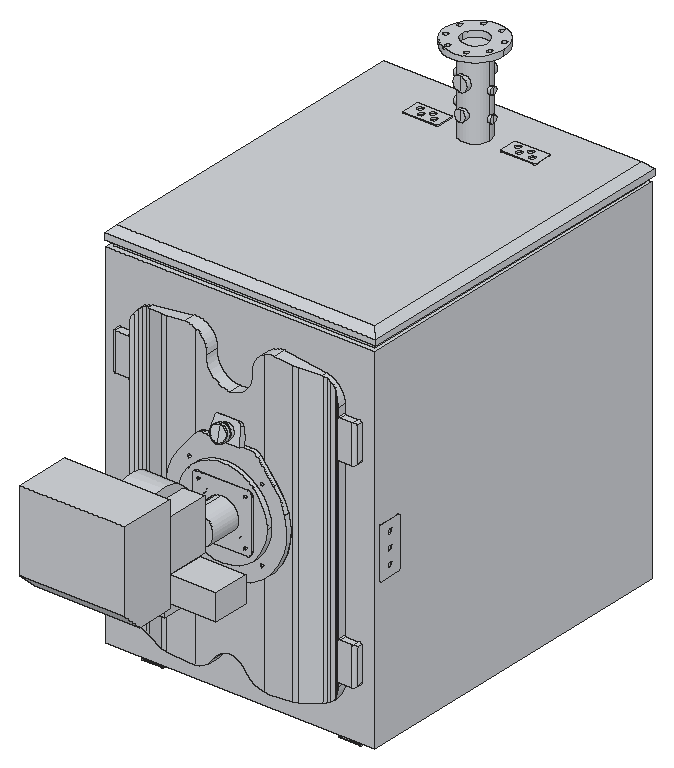
Revit family (continued)
Forms (in)
  Extrusion 97, solid, not visible
    sketch origin (0, -27.83144, -6.38142) x (1, 0, 0) y (0, 0.292372, 0.956305)
      loop
        line (-2.08755, 41.26626) -> (-2.50293, 38.67025) -> (0, 38.67025) -> (2.50293, 38.67025) -> (2.08755, 41.26626)
        spline (2.08755, 41.26626) -> (2.06999, 41.34975) -> (2.04482, 41.42785) -> (2.01221, 41.50008) -> (1.97236, 41.56598) -> (1.92552, 41.62514) -> (1.872, 41.67717) -> (1.81212, 41.72176) -> (1.74628, 41.75861) -> (1.67487, 41.7875) -> (1.59837, 41.80824) -> (1.51724, 41.8207) -> (1.43201, 41.8248)
        line (1.43201, 41.8248) -> (0, 41.8248) -> (-1.43201, 41.8248)
        spline (-1.43201, 41.8248) -> (-1.51724, 41.8207) -> (-1.59837, 41.80824) -> (-1.67487, 41.7875) -> (-1.74628, 41.75861) -> (-1.81212, 41.72176) -> (-1.872, 41.67717) -> (-1.92552, 41.62514) -> (-1.97236, 41.56598) -> (-2.01221, 41.50008) -> (-2.04482, 41.42785) -> (-2.06999, 41.34975) -> (-2.08755, 41.26626)
    from 27.23541 to 28.10693
  Extrusion 98, solid, not visible
    sketch origin (0, -15, 0) x (1, 0, 0) y (0, 0, 1)
      loop
        line (-4.84631, 38.02682) -> (-7.37432, 34.89772)
        arc (-7.37432, 34.89772) -> (0, 19.45975) -> (7.37432, 34.89772) r 9.48025
        line (7.37432, 34.89772) -> (4.84589, 38.02735)
        arc (4.84589, 38.02735) -> (4.24578, 38.50127) -> (3.5, 38.67025) r 1.73025
        line (3.5, 38.67025) -> (-3.49911, 38.67025)
        arc (-3.49911, 38.67025) -> (-4.24568, 38.50132) -> (-4.84631, 38.02682) r 1.73025
      loop
        circle (0, 29) r 7
      loop
        arc (5.51635, 34.84021) -> (5.4135, 34.73735) -> (5.37585, 34.59685) r 0.281
        arc (5.37585, 34.59685) -> (5.4135, 34.45635) -> (5.51635, 34.3535) r 0.281
        arc (5.51635, 34.3535) -> (5.65685, 34.31585) -> (5.79735, 34.3535) r 0.281
        arc (5.79735, 34.3535) -> (5.90021, 34.45635) -> (5.93785, 34.59685) r 0.281
        arc (5.93785, 34.59685) -> (5.90021, 34.73735) -> (5.79735, 34.84021) r 0.281
        arc (5.79735, 34.84021) -> (5.65685, 34.87785) -> (5.51635, 34.84021) r 0.281
      loop
        arc (-5.79735, 34.84021) -> (-5.90021, 34.73735) -> (-5.93785, 34.59685) r 0.281
        arc (-5.93785, 34.59685) -> (-5.90021, 34.45635) -> (-5.79735, 34.3535) r 0.281
        arc (-5.79735, 34.3535) -> (-5.65685, 34.31585) -> (-5.51635, 34.3535) r 0.281
        arc (-5.51635, 34.3535) -> (-5.4135, 34.45635) -> (-5.37585, 34.59685) r 0.281
        arc (-5.37585, 34.59685) -> (-5.4135, 34.73735) -> (-5.51635, 34.84021) r 0.281
        arc (-5.51635, 34.84021) -> (-5.65685, 34.87785) -> (-5.79735, 34.84021) r 0.281
      loop
        arc (-5.79735, 23.5265) -> (-5.90021, 23.42365) -> (-5.93785, 23.28315) r 0.281
        arc (-5.93785, 23.28315) -> (-5.90021, 23.14265) -> (-5.79735, 23.03979) r 0.281
        arc (-5.79735, 23.03979) -> (-5.65685, 23.00215) -> (-5.51635, 23.03979) r 0.281
        arc (-5.51635, 23.03979) -> (-5.4135, 23.14265) -> (-5.37585, 23.28315) r 0.281
        arc (-5.37585, 23.28315) -> (-5.4135, 23.42365) -> (-5.51635, 23.5265) r 0.281
        arc (-5.51635, 23.5265) -> (-5.65685, 23.56415) -> (-5.79735, 23.5265) r 0.281
      loop
        arc (5.51635, 23.5265) -> (5.4135, 23.42365) -> (5.37585, 23.28315) r 0.281
        arc (5.37585, 23.28315) -> (5.4135, 23.14265) -> (5.51635, 23.03979) r 0.281
        arc (5.51635, 23.03979) -> (5.65685, 23.00215) -> (5.79735, 23.03979) r 0.281
        arc (5.79735, 23.03979) -> (5.90021, 23.14265) -> (5.93785, 23.28315) r 0.281
        arc (5.93785, 23.28315) -> (5.90021, 23.42365) -> (5.79735, 23.5265) r 0.281
        arc (5.79735, 23.5265) -> (5.65685, 23.56415) -> (5.51635, 23.5265) r 0.281
    from 27.23491 to 27.92983
  Extrusion 99, solid
    sketch origin (0, -20.51816, 0) x (1, 0, 0) y (0, 0, 1)
      loop
        arc (-3.61428, 49.21852) -> (-4.52554, 51.70433) -> (-7.00072, 52.6441) r 3.1875
        arc (-7.00072, 52.6441) -> (-10.28605, 52.32116) -> (-13.5434, 51.78506) r 50.6875
        arc (-13.5434, 51.78506) -> (-15.53151, 50.59477) -> (-16.3125, 48.41316) r 3.4375
        line (-16.3125, 48.41316) -> (-16.3125, 47.1272)
        spline (-16.3125, 47.1272) -> (-16.31357, 47.1109) -> (-16.31674, 47.09488) -> (-16.32198, 47.07943) -> (-16.32919, 47.0648) -> (-16.33824, 47.05124) -> (-16.34899, 47.03899) -> (-16.36124, 47.02824) -> (-16.3748, 47.01919) -> (-16.38943, 47.01198) -> (-16.40488, 47.00674) -> (-16.4209, 47.00357) -> (-16.4372, 47.0025)
        line (-16.4372, 47.0025) -> (-18.50122, 47.0025)
        spline (-18.50122, 47.0025) -> (-18.56642, 46.99824) -> (-18.63047, 46.98553) -> (-18.69228, 46.96458) -> (-18.7508, 46.93576) -> (-18.80503, 46.89954) -> (-18.85406, 46.85656) -> (-18.89704, 46.80753) -> (-18.93326, 46.7533) -> (-18.96208, 46.69478) -> (-18.98303, 46.63297) -> (-18.99574, 46.56892) -> (-19, 46.50372)
        line (-19, 46.50372) -> (-19, 45.315) -> (-18.99264, 45.27669)
        spline (-18.99264, 45.27669) -> (-18.99182, 45.27174) -> (-18.99104, 45.26562) -> (-18.99031, 45.2584) -> (-18.98963, 45.25015) -> (-18.98902, 45.24096) -> (-18.98847, 45.23093) -> (-18.988, 45.22015) -> (-18.9876, 45.20874) -> (-18.98729, 45.19682) -> (-18.98707, 45.18451) -> (-18.98693, 45.17193) -> (-18.98689, 45.15923)
        line (-18.98689, 45.15923) -> (-18.98689, 43.72077)
        spline (-18.98689, 43.72077) -> (-18.98693, 43.70807) -> (-18.98707, 43.69549) -> (-18.98729, 43.68318) -> (-18.9876, 43.67126) -> (-18.988, 43.65985) -> (-18.98847, 43.64907) -> (-18.98902, 43.63904) -> (-18.98963, 43.62985) -> (-18.99031, 43.6216) -> (-18.99104, 43.61438) -> (-18.99182, 43.60826) -> (-18.99264, 43.60331)
        line (-18.99264, 43.60331) -> (-19, 43.565) -> (-19, 41.56378)
        spline (-19, 41.56378) -> (-18.99574, 41.49858) -> (-18.98303, 41.43453) -> (-18.96208, 41.37272) -> (-18.93326, 41.3142) -> (-18.89704, 41.25997) -> (-18.85406, 41.21094) -> (-18.80503, 41.16796) -> (-18.7508, 41.13175) -> (-18.69228, 41.10292) -> (-18.63047, 41.08197) -> (-18.56642, 41.06926) -> (-18.50122, 41.065)
        line (-18.50122, 41.065) -> (-16.43696, 41.065)
        spline (-16.43696, 41.065) -> (-16.42068, 41.06391) -> (-16.40469, 41.06071) -> (-16.38927, 41.05545) -> (-16.37466, 41.04823) -> (-16.36113, 41.03918) -> (-16.3489, 41.02843) -> (-16.33818, 41.01618) -> (-16.32915, 41.00263) -> (-16.32196, 40.98801) -> (-16.31673, 40.97258) -> (-16.31356, 40.95658) -> (-16.3125, 40.9403)
        line (-16.3125, 40.9403) -> (-16.3125, 16.1272)
        spline (-16.3125, 16.1272) -> (-16.31357, 16.1109) -> (-16.31674, 16.09488) -> (-16.32198, 16.07943) -> (-16.32919, 16.0648) -> (-16.33824, 16.05124) -> (-16.34899, 16.03899) -> (-16.36124, 16.02824) -> (-16.3748, 16.01919) -> (-16.38943, 16.01198) -> (-16.40488, 16.00674) -> (-16.4209, 16.00357) -> (-16.4372, 16.0025)
        line (-16.4372, 16.0025) -> (-18.50172, 16.0025)
        spline (-18.50172, 16.0025) -> (-18.56687, 15.99818) -> (-18.63087, 15.98542) -> (-18.69262, 15.96444) -> (-18.75109, 15.93559) -> (-18.80526, 15.89936) -> (-18.85423, 15.85638) -> (-18.89717, 15.80737) -> (-18.93334, 15.75315) -> (-18.96213, 15.69466) -> (-18.98305, 15.63289) -> (-18.99574, 15.56888) -> (-19, 15.50372)
        line (-19, 15.50372) -> (-19, 14.315) -> (-18.99264, 14.27669)
        spline (-18.99264, 14.27669) -> (-18.99182, 14.27174) -> (-18.99104, 14.26562) -> (-18.99031, 14.2584) -> (-18.98963, 14.25015) -> (-18.98902, 14.24096) -> (-18.98847, 14.23093) -> (-18.988, 14.22015) -> (-18.9876, 14.20874) -> (-18.98729, 14.19682) -> (-18.98707, 14.18451) -> (-18.98693, 14.17193) -> (-18.98689, 14.15923)
        line (-18.98689, 14.15923) -> (-18.98689, 12.72077)
        spline (-18.98689, 12.72077) -> (-18.98693, 12.70807) -> (-18.98707, 12.69549) -> (-18.98729, 12.68318) -> (-18.9876, 12.67126) -> (-18.988, 12.65985) -> (-18.98847, 12.64907) -> (-18.98902, 12.63904) -> (-18.98963, 12.62985) -> (-18.99031, 12.6216) -> (-18.99104, 12.61438) -> (-18.99182, 12.60826) -> (-18.99264, 12.60331)
        line (-18.99264, 12.60331) -> (-19, 12.565) -> (-19, 10.56378)
        spline (-19, 10.56378) -> (-18.99574, 10.49858) -> (-18.98303, 10.43453) -> (-18.96208, 10.37272) -> (-18.93326, 10.3142) -> (-18.89704, 10.25997) -> (-18.85406, 10.21094) -> (-18.80503, 10.16796) -> (-18.7508, 10.13175) -> (-18.69228, 10.10292) -> (-18.63047, 10.08197) -> (-18.56642, 10.06926) -> (-18.50122, 10.065)
        line (-18.50122, 10.065) -> (-16.43684, 10.065)
        spline (-16.43684, 10.065) -> (-16.42057, 10.06389) -> (-16.40459, 10.06068) -> (-16.38918, 10.05542) -> (-16.37459, 10.04819) -> (-16.36108, 10.03913) -> (-16.34886, 10.02839) -> (-16.33815, 10.01614) -> (-16.32913, 10.0026) -> (-16.32195, 9.98799) -> (-16.31673, 9.97256) -> (-16.31356, 9.95658) -> (-16.3125, 9.9403)
        line (-16.3125, 9.9403) -> (-16.3125, 9.46684)
        arc (-16.3125, 9.46684) -> (-15.53151, 7.28523) -> (-13.5434, 6.09495) r 3.4375
        arc (-13.5434, 6.09495) -> (-9.91075, 5.51099) -> (-6.2453, 5.19208) r 50.6875
        arc (-6.2453, 5.19208) -> (-3.98491, 5.70109) -> (-2.3142, 7.30643) r 4.3125
        arc (-2.3142, 7.30643) -> (-1.33236, 8.27398) -> (0, 8.6275) r 2.6875
        arc (0, 8.6275) -> (1.33236, 8.27398) -> (2.3142, 7.30643) r 2.6875
        arc (2.3142, 7.30643) -> (3.98491, 5.70109) -> (6.2453, 5.19208) r 4.3125
        arc (6.2453, 5.19208) -> (9.91075, 5.51099) -> (13.5434, 6.09495) r 50.6875
        arc (13.5434, 6.09495) -> (15.53151, 7.28523) -> (16.3125, 9.46684) r 3.4375
        line (16.3125, 9.46684) -> (16.3125, 9.9403)
        spline (16.3125, 9.9403) -> (16.31356, 9.95658) -> (16.31673, 9.97256) -> (16.32195, 9.98799) -> (16.32913, 10.0026) -> (16.33815, 10.01614) -> (16.34886, 10.02839) -> (16.36108, 10.03913) -> (16.37459, 10.04819) -> (16.38918, 10.05542) -> (16.40459, 10.06068) -> (16.42057, 10.06389) -> (16.43684, 10.065)
        line (16.43684, 10.065) -> (18.50122, 10.065)
        spline (18.50122, 10.065) -> (18.56642, 10.06926) -> (18.63047, 10.08197) -> (18.69228, 10.10292) -> (18.7508, 10.13175) -> (18.80503, 10.16796) -> (18.85406, 10.21094) -> (18.89704, 10.25997) -> (18.93326, 10.3142) -> (18.96208, 10.37272) -> (18.98303, 10.43453) -> (18.99574, 10.49858) -> (19, 10.56378)
        line (19, 10.56378) -> (19, 12.565) -> (18.99264, 12.60331)
        spline (18.99264, 12.60331) -> (18.99182, 12.60826) -> (18.99104, 12.61438) -> (18.99031, 12.6216) -> (18.98963, 12.62985) -> (18.98902, 12.63904) -> (18.98847, 12.64907) -> (18.988, 12.65985) -> (18.9876, 12.67126) -> (18.98729, 12.68318) -> (18.98707, 12.69549) -> (18.98693, 12.70807) -> (18.98689, 12.72077)
        line (18.98689, 12.72077) -> (18.98689, 14.15923)
        spline (18.98689, 14.15923) -> (18.98693, 14.17193) -> (18.98707, 14.18451) -> (18.98729, 14.19682) -> (18.9876, 14.20874) -> (18.988, 14.22015) -> (18.98847, 14.23093) -> (18.98902, 14.24096) -> (18.98963, 14.25015) -> (18.99031, 14.2584) -> (18.99104, 14.26562) -> (18.99182, 14.27174) -> (18.99264, 14.27669)
        line (18.99264, 14.27669) -> (19, 14.315) -> (19, 15.50372)
        spline (19, 15.50372) -> (18.99574, 15.56888) -> (18.98305, 15.63289) -> (18.96213, 15.69466) -> (18.93334, 15.75315) -> (18.89717, 15.80737) -> (18.85423, 15.85638) -> (18.80526, 15.89936) -> (18.75109, 15.93559) -> (18.69262, 15.96444) -> (18.63087, 15.98542) -> (18.56687, 15.99818) -> (18.50172, 16.0025)
        line (18.50172, 16.0025) -> (16.4372, 16.0025)
        spline (16.4372, 16.0025) -> (16.4209, 16.00357) -> (16.40488, 16.00674) -> (16.38943, 16.01198) -> (16.3748, 16.01919) -> (16.36124, 16.02824) -> (16.34899, 16.03899) -> (16.33824, 16.05124) -> (16.32919, 16.0648) -> (16.32198, 16.07943) -> (16.31674, 16.09488) -> (16.31357, 16.1109) -> (16.3125, 16.1272)
        line (16.3125, 16.1272) -> (16.3125, 40.9403)
        spline (16.3125, 40.9403) -> (16.31356, 40.95658) -> (16.31673, 40.97258) -> (16.32196, 40.98801) -> (16.32915, 41.00263) -> (16.33818, 41.01618) -> (16.3489, 41.02843) -> (16.36113, 41.03918) -> (16.37466, 41.04823) -> (16.38927, 41.05545) -> (16.40469, 41.06071) -> (16.42068, 41.06391) -> (16.43696, 41.065)
        line (16.43696, 41.065) -> (18.50122, 41.065)
        spline (18.50122, 41.065) -> (18.56642, 41.06926) -> (18.63047, 41.08197) -> (18.69228, 41.10292) -> (18.7508, 41.13175) -> (18.80503, 41.16796) -> (18.85406, 41.21094) -> (18.89704, 41.25997) -> (18.93326, 41.3142) -> (18.96208, 41.37272) -> (18.98303, 41.43453) -> (18.99574, 41.49858) -> (19, 41.56378)
        line (19, 41.56378) -> (19, 43.565) -> (18.99264, 43.60331)
        spline (18.99264, 43.60331) -> (18.99182, 43.60826) -> (18.99104, 43.61438) -> (18.99031, 43.6216) -> (18.98963, 43.62985) -> (18.98902, 43.63904) -> (18.98847, 43.64907) -> (18.988, 43.65985) -> (18.9876, 43.67126) -> (18.98729, 43.68318) -> (18.98707, 43.69549) -> (18.98693, 43.70807) -> (18.98689, 43.72077)
        line (18.98689, 43.72077) -> (18.98689, 45.15923)
        spline (18.98689, 45.15923) -> (18.98693, 45.17193) -> (18.98707, 45.18451) -> (18.98729, 45.19682) -> (18.9876, 45.20874) -> (18.988, 45.22015) -> (18.98847, 45.23093) -> (18.98902, 45.24096) -> (18.98963, 45.25015) -> (18.99031, 45.2584) -> (18.99104, 45.26562) -> (18.99182, 45.27174) -> (18.99264, 45.27669)
        line (18.99264, 45.27669) -> (19, 45.315) -> (19, 46.50372)
        spline (19, 46.50372) -> (18.99574, 46.56892) -> (18.98303, 46.63297) -> (18.96208, 46.69478) -> (18.93326, 46.7533) -> (18.89704, 46.80753) -> (18.85406, 46.85656) -> (18.80503, 46.89954) -> (18.7508, 46.93576) -> (18.69228, 46.96458) -> (18.63047, 46.98553) -> (18.56642, 46.99824) -> (18.50122, 47.0025)
        line (18.50122, 47.0025) -> (16.4372, 47.0025)
        spline (16.4372, 47.0025) -> (16.4209, 47.00357) -> (16.40488, 47.00674) -> (16.38943, 47.01198) -> (16.3748, 47.01919) -> (16.36124, 47.02824) -> (16.34899, 47.03899) -> (16.33824, 47.05124) -> (16.32919, 47.0648) -> (16.32198, 47.07943) -> (16.31674, 47.09488) -> (16.31357, 47.1109) -> (16.3125, 47.1272)
        line (16.3125, 47.1272) -> (16.3125, 48.41316)
        arc (16.3125, 48.41316) -> (15.53151, 50.59477) -> (13.5434, 51.78506) r 3.4375
        arc (13.5434, 51.78506) -> (10.28605, 52.32116) -> (7.00072, 52.6441) r 50.6875
        arc (7.00072, 52.6441) -> (4.52554, 51.70433) -> (3.61428, 49.21852) r 3.1875
        arc (3.61428, 49.21852) -> (2.65991, 46.47718) -> (0, 45.315) r 3.625
        arc (0, 45.315) -> (-2.65991, 46.47718) -> (-3.61428, 49.21852) r 3.625
    from 25.25296 to 28.1175
  Extrusion 100, void
    sketch origin (0.97589, -20.51816, 0) x (1, 0, 0) y (0, 1, 0)
      loop
        line (18.02412, -24.61055) -> (17.92994, -25.95728)
        arc (17.92994, -25.95728) -> (17.77216, -26.28808) -> (17.43116, -26.42241) r 0.5
        line (17.43116, -26.42241) -> (15.26315, -26.42241)
        arc (15.26315, -26.42241) -> (15.01648, -26.35732) -> (14.83402, -26.17902) r 0.5
        arc (14.83402, -26.17902) -> (14.61293, -26.04114) -> (14.35851, -25.98491) r 0.76995
        line (14.35851, -25.98491) -> (13.76265, -25.98491) -> (13.12331, -25.98491)
        arc (13.12331, -25.98491) -> (12.86283, -26.00769) -> (12.61028, -26.07537) r 1.5
        line (12.61028, -26.07537) -> (9.69908, -27.13496)
        arc (9.69908, -27.13496) -> (9.28373, -27.20983) -> (8.86243, -27.23491) r 3.55166
        line (8.86243, -27.23491) -> (4.39482, -27.23491) -> (-6.37273, -27.23491) -> (-10.84033, -27.23491)
        arc (-10.84033, -27.23491) -> (-11.28186, -27.20625) -> (-11.71598, -27.12076) r 3.41583
        line (-11.71598, -27.12076) -> (-14.58818, -26.07537)
        arc (-14.58818, -26.07537) -> (-14.84074, -26.00769) -> (-15.10121, -25.98491) r 1.5
        line (-15.10121, -25.98491) -> (-15.74055, -25.98491) -> (-16.37069, -25.98491)
        arc (-16.37069, -25.98491) -> (-16.60975, -26.04975) -> (-16.81639, -26.18634) r 0.77938
        arc (-16.81639, -26.18634) -> (-16.99812, -26.35942) -> (-17.24105, -26.42241) r 0.5
        line (-17.24105, -26.42241) -> (-19.40906, -26.42241)
        arc (-19.40906, -26.42241) -> (-19.75006, -26.28808) -> (-19.90784, -25.95728) r 0.5
        line (-19.90784, -25.95728) -> (-19.97589, -24.98426) -> (-19.97589, -29.00296) -> (18.02412, -29.00296) -> (18.02412, -24.61055)
    from 0 to 54.3983
  Extrusion 101, solid
    sketch origin (0, -20.51816, 0) x (1, 0, 0) y (0, 0, 1)
      loop
        circle (0, 29) r 7
      loop
        circle (0, 28.94) r 3.375
      loop
        circle (3.53553, 32.47553) r 0.25
      loop
        circle (-3.53553, 32.47553) r 0.25
      loop
        circle (-3.53553, 25.40447) r 0.25
      loop
        circle (3.53553, 25.40447) r 0.25
    from 27.92983 to 28.62038
  Revolve 102, solid
    sketch origin (0, -20.51816, 0) x (0, 1, 0) y (0, 0, 1)
      loop
        line (-28.63671, 41.56616) -> (-29.1555, 41.68593)
        arc (-29.1555, 41.68593) -> (-29.18514, 41.68124) -> (-29.2032, 41.65727) r 0.04005
        line (-29.2032, 41.65727) -> (-29.52826, 40.4441) -> (-28.031, 40.0429) -> (-27.72316, 41.19179) -> (-28.21713, 41.32415) -> (-28.27076, 41.26705) -> (-28.29592, 41.35041) -> (-28.35553, 41.28695) -> (-28.38069, 41.37031) -> (-28.4403, 41.30685) -> (-28.46546, 41.39021) -> (-28.52507, 41.32674) -> (-28.55023, 41.41011) -> (-28.60984, 41.34664) -> (-28.63499, 41.43) -> (-28.68844, 41.37311) -> (-28.63671, 41.56616)
      axis (-29.52828, 40.4441) -> (-28.031, 40.0429)
    angle from 0 to 360
  Extrusion 103, solid
    sketch origin (0, -33.3496, -6.38142) x (1, 0, 0) y (0, 0.292372, 0.956305)
      loop
        line (-2.08755, 41.26626) -> (-2.50293, 38.67025) -> (0, 38.67025) -> (2.50293, 38.67025) -> (2.08755, 41.26626)
        spline (2.08755, 41.26626) -> (2.06999, 41.34975) -> (2.04482, 41.42785) -> (2.01221, 41.50008) -> (1.97236, 41.56598) -> (1.92552, 41.62514) -> (1.872, 41.67717) -> (1.81212, 41.72176) -> (1.74628, 41.75861) -> (1.67487, 41.7875) -> (1.59837, 41.80824) -> (1.51724, 41.8207) -> (1.43201, 41.8248)
        line (1.43201, 41.8248) -> (0, 41.8248) -> (-1.43201, 41.8248)
        spline (-1.43201, 41.8248) -> (-1.51724, 41.8207) -> (-1.59837, 41.80824) -> (-1.67487, 41.7875) -> (-1.74628, 41.75861) -> (-1.81212, 41.72176) -> (-1.872, 41.67717) -> (-1.92552, 41.62514) -> (-1.97236, 41.56598) -> (-2.01221, 41.50008) -> (-2.04482, 41.42785) -> (-2.06999, 41.34975) -> (-2.08755, 41.26626)
    from 27.23541 to 28.10693
  Extrusion 104, solid
    sketch origin (0, -20.51816, 0) x (1, 0, 0) y (0, 0, 1)
      loop
        line (-4.84631, 38.02682) -> (-7.37432, 34.89772)
        arc (-7.37432, 34.89772) -> (0, 19.45975) -> (7.37432, 34.89772) r 9.48025
        line (7.37432, 34.89772) -> (4.84589, 38.02735)
        arc (4.84589, 38.02735) -> (4.24578, 38.50127) -> (3.5, 38.67025) r 1.73025
        line (3.5, 38.67025) -> (-3.49911, 38.67025)
        arc (-3.49911, 38.67025) -> (-4.24568, 38.50132) -> (-4.84631, 38.02682) r 1.73025
      loop
        circle (0, 29) r 7
      loop
        arc (5.51635, 34.84021) -> (5.4135, 34.73735) -> (5.37585, 34.59685) r 0.281
        arc (5.37585, 34.59685) -> (5.4135, 34.45635) -> (5.51635, 34.3535) r 0.281
        arc (5.51635, 34.3535) -> (5.65685, 34.31585) -> (5.79735, 34.3535) r 0.281
        arc (5.79735, 34.3535) -> (5.90021, 34.45635) -> (5.93785, 34.59685) r 0.281
        arc (5.93785, 34.59685) -> (5.90021, 34.73735) -> (5.79735, 34.84021) r 0.281
        arc (5.79735, 34.84021) -> (5.65685, 34.87785) -> (5.51635, 34.84021) r 0.281
      loop
        arc (-5.79735, 34.84021) -> (-5.90021, 34.73735) -> (-5.93785, 34.59685) r 0.281
        arc (-5.93785, 34.59685) -> (-5.90021, 34.45635) -> (-5.79735, 34.3535) r 0.281
        arc (-5.79735, 34.3535) -> (-5.65685, 34.31585) -> (-5.51635, 34.3535) r 0.281
        arc (-5.51635, 34.3535) -> (-5.4135, 34.45635) -> (-5.37585, 34.59685) r 0.281
        arc (-5.37585, 34.59685) -> (-5.4135, 34.73735) -> (-5.51635, 34.84021) r 0.281
        arc (-5.51635, 34.84021) -> (-5.65685, 34.87785) -> (-5.79735, 34.84021) r 0.281
      loop
        arc (-5.79735, 23.5265) -> (-5.90021, 23.42365) -> (-5.93785, 23.28315) r 0.281
        arc (-5.93785, 23.28315) -> (-5.90021, 23.14265) -> (-5.79735, 23.03979) r 0.281
        arc (-5.79735, 23.03979) -> (-5.65685, 23.00215) -> (-5.51635, 23.03979) r 0.281
        arc (-5.51635, 23.03979) -> (-5.4135, 23.14265) -> (-5.37585, 23.28315) r 0.281
        arc (-5.37585, 23.28315) -> (-5.4135, 23.42365) -> (-5.51635, 23.5265) r 0.281
        arc (-5.51635, 23.5265) -> (-5.65685, 23.56415) -> (-5.79735, 23.5265) r 0.281
      loop
        arc (5.51635, 23.5265) -> (5.4135, 23.42365) -> (5.37585, 23.28315) r 0.281
        arc (5.37585, 23.28315) -> (5.4135, 23.14265) -> (5.51635, 23.03979) r 0.281
        arc (5.51635, 23.03979) -> (5.65685, 23.00215) -> (5.79735, 23.03979) r 0.281
        arc (5.79735, 23.03979) -> (5.90021, 23.14265) -> (5.93785, 23.28315) r 0.281
        arc (5.93785, 23.28315) -> (5.90021, 23.42365) -> (5.79735, 23.5265) r 0.281
        arc (5.79735, 23.5265) -> (5.65685, 23.56415) -> (5.51635, 23.5265) r 0.281
    from 27.23491 to 27.92983
  Extrusion 105, solid
    sketch origin (0, -20.51816, 0) x (1, 0, 0) y (0, 0, 1)
      loop
        line (-4.84631, 38.02682) -> (-7.37432, 34.89772)
        arc (-7.37432, 34.89772) -> (0, 19.45975) -> (7.37432, 34.89772) r 9.48025
        line (7.37432, 34.89772) -> (4.84589, 38.02735)
        arc (4.84589, 38.02735) -> (4.24578, 38.50127) -> (3.5, 38.67025) r 1.73025
        line (3.5, 38.67025) -> (-3.49911, 38.67025)
        arc (-3.49911, 38.67025) -> (-4.24568, 38.50132) -> (-4.84631, 38.02682) r 1.73025
      loop
        circle (0, 29) r 7
      loop
        arc (5.51635, 34.84021) -> (5.4135, 34.73735) -> (5.37585, 34.59685) r 0.281
        arc (5.37585, 34.59685) -> (5.4135, 34.45635) -> (5.51635, 34.3535) r 0.281
        arc (5.51635, 34.3535) -> (5.65685, 34.31585) -> (5.79735, 34.3535) r 0.281
        arc (5.79735, 34.3535) -> (5.90021, 34.45635) -> (5.93785, 34.59685) r 0.281
        arc (5.93785, 34.59685) -> (5.90021, 34.73735) -> (5.79735, 34.84021) r 0.281
        arc (5.79735, 34.84021) -> (5.65685, 34.87785) -> (5.51635, 34.84021) r 0.281
      loop
        arc (-5.79735, 34.84021) -> (-5.90021, 34.73735) -> (-5.93785, 34.59685) r 0.281
        arc (-5.93785, 34.59685) -> (-5.90021, 34.45635) -> (-5.79735, 34.3535) r 0.281
        arc (-5.79735, 34.3535) -> (-5.65685, 34.31585) -> (-5.51635, 34.3535) r 0.281
        arc (-5.51635, 34.3535) -> (-5.4135, 34.45635) -> (-5.37585, 34.59685) r 0.281
        arc (-5.37585, 34.59685) -> (-5.4135, 34.73735) -> (-5.51635, 34.84021) r 0.281
        arc (-5.51635, 34.84021) -> (-5.65685, 34.87785) -> (-5.79735, 34.84021) r 0.281
      loop
        arc (-5.79735, 23.5265) -> (-5.90021, 23.42365) -> (-5.93785, 23.28315) r 0.281
        arc (-5.93785, 23.28315) -> (-5.90021, 23.14265) -> (-5.79735, 23.03979) r 0.281
        arc (-5.79735, 23.03979) -> (-5.65685, 23.00215) -> (-5.51635, 23.03979) r 0.281
        arc (-5.51635, 23.03979) -> (-5.4135, 23.14265) -> (-5.37585, 23.28315) r 0.281
        arc (-5.37585, 23.28315) -> (-5.4135, 23.42365) -> (-5.51635, 23.5265) r 0.281
        arc (-5.51635, 23.5265) -> (-5.65685, 23.56415) -> (-5.79735, 23.5265) r 0.281
      loop
        arc (5.51635, 23.5265) -> (5.4135, 23.42365) -> (5.37585, 23.28315) r 0.281
        arc (5.37585, 23.28315) -> (5.4135, 23.14265) -> (5.51635, 23.03979) r 0.281
        arc (5.51635, 23.03979) -> (5.65685, 23.00215) -> (5.79735, 23.03979) r 0.281
        arc (5.79735, 23.03979) -> (5.90021, 23.14265) -> (5.93785, 23.28315) r 0.281
        arc (5.93785, 23.28315) -> (5.90021, 23.42365) -> (5.79735, 23.5265) r 0.281
        arc (5.79735, 23.5265) -> (5.65685, 23.56415) -> (5.51635, 23.5265) r 0.281
    from 27.13496 to 27.92983
  Extrusion 106, solid, not visible
    sketch origin (0, -15, 0) x (1, 0, 0) y (0, 0, 1)
      loop
        line (-4.84631, 38.02682) -> (-7.37432, 34.89772)
        arc (-7.37432, 34.89772) -> (0, 19.45975) -> (7.37432, 34.89772) r 9.48025
        line (7.37432, 34.89772) -> (4.84589, 38.02735)
        arc (4.84589, 38.02735) -> (4.24578, 38.50127) -> (3.5, 38.67025) r 1.73025
        line (3.5, 38.67025) -> (-3.49911, 38.67025)
        arc (-3.49911, 38.67025) -> (-4.24568, 38.50132) -> (-4.84631, 38.02682) r 1.73025
      loop
        circle (0, 29) r 7
      loop
        arc (5.51635, 34.84021) -> (5.4135, 34.73735) -> (5.37585, 34.59685) r 0.281
        arc (5.37585, 34.59685) -> (5.4135, 34.45635) -> (5.51635, 34.3535) r 0.281
        arc (5.51635, 34.3535) -> (5.65685, 34.31585) -> (5.79735, 34.3535) r 0.281
        arc (5.79735, 34.3535) -> (5.90021, 34.45635) -> (5.93785, 34.59685) r 0.281
        arc (5.93785, 34.59685) -> (5.90021, 34.73735) -> (5.79735, 34.84021) r 0.281
        arc (5.79735, 34.84021) -> (5.65685, 34.87785) -> (5.51635, 34.84021) r 0.281
      loop
        arc (-5.79735, 34.84021) -> (-5.90021, 34.73735) -> (-5.93785, 34.59685) r 0.281
        arc (-5.93785, 34.59685) -> (-5.90021, 34.45635) -> (-5.79735, 34.3535) r 0.281
        arc (-5.79735, 34.3535) -> (-5.65685, 34.31585) -> (-5.51635, 34.3535) r 0.281
        arc (-5.51635, 34.3535) -> (-5.4135, 34.45635) -> (-5.37585, 34.59685) r 0.281
        arc (-5.37585, 34.59685) -> (-5.4135, 34.73735) -> (-5.51635, 34.84021) r 0.281
        arc (-5.51635, 34.84021) -> (-5.65685, 34.87785) -> (-5.79735, 34.84021) r 0.281
      loop
        arc (-5.79735, 23.5265) -> (-5.90021, 23.42365) -> (-5.93785, 23.28315) r 0.281
        arc (-5.93785, 23.28315) -> (-5.90021, 23.14265) -> (-5.79735, 23.03979) r 0.281
        arc (-5.79735, 23.03979) -> (-5.65685, 23.00215) -> (-5.51635, 23.03979) r 0.281
        arc (-5.51635, 23.03979) -> (-5.4135, 23.14265) -> (-5.37585, 23.28315) r 0.281
        arc (-5.37585, 23.28315) -> (-5.4135, 23.42365) -> (-5.51635, 23.5265) r 0.281
        arc (-5.51635, 23.5265) -> (-5.65685, 23.56415) -> (-5.79735, 23.5265) r 0.281
      loop
        arc (5.51635, 23.5265) -> (5.4135, 23.42365) -> (5.37585, 23.28315) r 0.281
        arc (5.37585, 23.28315) -> (5.4135, 23.14265) -> (5.51635, 23.03979) r 0.281
        arc (5.51635, 23.03979) -> (5.65685, 23.00215) -> (5.79735, 23.03979) r 0.281
        arc (5.79735, 23.03979) -> (5.90021, 23.14265) -> (5.93785, 23.28315) r 0.281
        arc (5.93785, 23.28315) -> (5.90021, 23.42365) -> (5.79735, 23.5265) r 0.281
        arc (5.79735, 23.5265) -> (5.65685, 23.56415) -> (5.51635, 23.5265) r 0.281
    from 27.13496 to 27.92983
  Extrusion 107, solid
    sketch origin (0, 47.5612, 0) x (0, 1, 0) y (0, 0, 1)
      loop
        line (-70.12838, 1.9975) -> (-69.36162, 0) -> (-66.36162, 0) -> (-65.67382, 1.9975) -> (-70.12838, 1.9975)
    from 13.64682 to 17.0625
  Extrusion 108, solid
    sketch origin (0, -20.27657, 0) x (0, -1, 0) y (0, 0, 1)
      loop
        line (2.29062, 1.9975) -> (-2.16394, 1.9975) -> (-1.47615, 0) -> (1.52385, 0) -> (2.29062, 1.9975)
    from 13.64682 to 17.0625
  Extrusion 109, solid
    sketch origin (0, 40.91888, 0) x (0, 1, 0) y (0, 0, 1)
      loop
        line (-70.12838, 1.9975) -> (-69.36162, 0) -> (-66.36162, 0) -> (-65.67382, 1.9975) -> (-70.12838, 1.9975)
    from 13.64682 to 17.0625
  Extrusion 110, solid
    sketch origin (0, -26.91888, 0) x (0, -1, 0) y (0, 0, 1)
      loop
        line (2.29062, 1.9975) -> (-2.16394, 1.9975) -> (-1.47615, 0) -> (1.52385, 0) -> (2.29062, 1.9975)
    from 13.64682 to 17.0625
  Extrusion 111, solid
    sketch origin (0, 33.91888, 0) x (0, 1, 0) y (0, 0, 1)
      loop
        line (-70.12838, 1.9975) -> (-69.36162, 0) -> (-66.36162, 0) -> (-65.67382, 1.9975) -> (-70.12838, 1.9975)
    from 13.64682 to 17.0625
  Extrusion 112, solid
    sketch origin (0, -33.91888, 0) x (0, -1, 0) y (0, 0, 1)
      loop
        line (2.29062, 1.9975) -> (-2.16394, 1.9975) -> (-1.47615, 0) -> (1.52385, 0) -> (2.29062, 1.9975)
    from 13.64682 to 17.0625
Cuts and joins
  Sweep 2, Extrusion 30 cuts Extrusion 1
  Extrusion 17, Extrusion 18, Extrusion 19, Extrusion 20, Extrusion 21, Extrusion 22, Extrusion 23, Extrusion 24, Extrusion 25, Extrusion 30, Extrusion 31, Extrusion 32, Extrusion 33, Extrusion 34, Extrusion 35, Extrusion 36, Extrusion 37, Extrusion 38 cuts Extrusion 4
  Extrusion 17, Extrusion 30 cuts Extrusion 3
  Extrusion 18 cuts Extrusion 5
  Extrusion 30 cuts Extrusion 16
  Extrusion 30 cuts Extrusion 27
  Extrusion 30, Extrusion 31, Extrusion 32, Extrusion 33, Extrusion 34, Extrusion 35, Extrusion 36, Extrusion 37, Extrusion 38 cuts Extrusion 28
  Extrusion 30 cuts Extrusion 29
  Extrusion 100 cuts Extrusion 99
  Extrusion 100 cuts Extrusion 104
Dimensions and locks (in)
  aligned and locked: cut or joined group of Extrusion 1, Sweep 2, Extrusion 30 to plane 4 "Left"
  aligned and locked: plane 5 "Right" to cut or joined group of Extrusion 1, Sweep 2, Extrusion 30
  aligned and locked: Extrusion 4 to plane 11 "Top 3"
  aligned and locked: plane 8 "Bottom" to Extrusion 5
  aligned and locked: plane 9 "Top 1" to cut or joined group of Extrusion 1, Sweep 2, Extrusion 30
  aligned and locked: plane 11 "Top 3" to Extrusion 4
  aligned and locked: cut or joined group of Extrusion 1, Sweep 2, Extrusion 30 to plane 10 "Top 2"
  aligned and locked: Extrusion 5 to plane 9 "Top 1"
  aligned and locked: Extrusion 5 to plane 8 "Bottom"
  aligned and locked: plane 6 "Front" to cut or joined group of Extrusion 1, Sweep 2, Extrusion 30
  aligned and locked: cut or joined group of Extrusion 1, Sweep 2, Extrusion 30 to plane 7 "Back"
  aligned and locked: Extrusion 16 to Extrusion 4
  aligned and locked: Extrusion 26 to cut or joined group of Extrusion 5, Extrusion 18
  aligned and locked: Extrusion 28 to Extrusion 29
  aligned and locked: plane 10 "Top 2" to Extrusion 91
  aligned and locked: plane 6 "Front" to cut or joined group of Extrusion 5, Extrusion 18
  aligned and locked: plane 6 "Front" to Sweep 2 sketch curve
Nested families (in)
  nested 1: "C1-GO-10_MOD_UL" at (0, -49.13854, 28.94), type <- "Burner", visible <- "Show Burner", type "Low Detail"
Connectors (in)
  piping at (0, 0, 73.625)
    settings: on cut or joined group of Extrusion 4, Extrusion 17, Extrusion 18, Extrusion 19, Extrusion 20, Extrusion 21, Extrusion 22, Extrusion 23, Extrusion 24, Extrusion 25, Extrusion 30, Extrusion 31, Extrusion 32, Extrusion 33, Extrusion 34, Extrusion 35, Extrusion 36, Extrusion 37, Extrusion 38, index 1
  piping at (0.00197, 14.02133, 48.99101)
    settings: on cut or joined group of Extrusion 28, Extrusion 30, Extrusion 31, Extrusion 32, Extrusion 33, Extrusion 34, Extrusion 35, Extrusion 36, Extrusion 37, Extrusion 38, index 2
  piping at (0, 10.11351, 29)
    settings: on Extrusion 26, index 3
  piping at (0, 8.60476, 5.65946)
    settings: on Revolve 51, index 4
  piping at (0, -2.87887, 68.49557)
    settings: on Revolve 76, index 5
  piping at (0, -2.87887, 64.06335)
    settings: on Revolve 79, index 6
  piping at (0, 2.2777, 64.81335)
    settings: on Revolve 78, index 7
  piping at (2.25, 0, 67.31321)
    settings: on Revolve 56, index 8
  piping at (2.25, 0, 63.33053)
    settings: on Revolve 70, index 9
  piping at (0, 2.25302, 68.49557)
    settings: on Revolve 77, index 10
  piping at (-2.875, 0, 68.06321)
    settings: on Revolve 71, index 11
  piping at (-2.875, 0, 64.09446)
    settings: on Revolve 72, index 12
  piping at (0, -2.87887, 68.49557)
    settings: on Revolve 80, index 146
  piping at (0, -2.87887, 64.06335)
    settings: on Revolve 83, index 147
  piping at (0, 2.2777, 64.81335)
    settings: on Revolve 82, index 148
  piping at (2.25, 0, 67.31321)
    settings: on Revolve 69, index 149
  piping at (2.25, 0, 63.33053)
    settings: on Revolve 73, index 150
  piping at (0, 2.25302, 68.49557)
    settings: on Revolve 81, index 151
  piping at (-2.875, 0, 68.06321)
    settings: on Revolve 74, index 152
  piping at (-2.875, 0, 64.09446)
    settings: on Revolve 75, index 153
  piping at (0, 9.8257, 52.03856)
    settings: on Revolve 52, index 29
  piping at (0, 9.8257, 45.70547)
    settings: on Revolve 54, index 30
  piping at (0, -43.62038, 28.94)
    settings: on Extrusion 95, index 136
  piping at (0, -49.13854, 28.94)
    settings: on Extrusion 101, index 105
  piping at (0, -49.49511, 40.29637)
    settings: on Revolve 102, index 110
  piping at (0, -43.97696, 40.29637)
    settings: on Revolve 96, index 137
Definition of nested family "C1-GO-10_MOD_UL"
  Parameters (values of type "Low Detail")
    Burner Low Detail = yes
    Burner High Detail = no
  Types (3): name | Burner Low Detail | Burner High Detail
    (no name) | yes | no
    Low Detail | yes | no
    High Detail | no | yes
  Reference planes (in)
    plane 1 "Center (Front/Back)": y = 0
    plane 2: z = 0
    plane 3 "Center (Left/Right)": x = 0
  Forms (in)
    Extrusion 1, solid
      sketch origin (0, 0, 0) x (1, 0, 0) y (0, 1, 0)
        loop
          line (-7.84625, -21.012) -> (-7.84625, -29.67593) -> (8.52812, -29.67593) -> (8.52812, -21.012) -> (-7.84625, -21.012)
      from -1.1875 to 14.11092
    Revolve 2, solid, visible <- "Burner Low Detail"
      sketch origin (0, 0, 0) x (0, 1, 0) y (0, 0, 1)
        loop
          line (0.05262, 2.5) -> (-5.01981, 2.5) -> (-5.01981, 0) -> (-4.89481, 0) -> (-4.89481, 2.375) -> (0.17762, 2.375) -> (0.17762, 3.49246) -> (2.56325, 3.49246) -> (3.13384, 2.99645) -> (3.13384, 2.9375) -> (3.25884, 2.9375) -> (3.25884, 3.05342) -> (2.60999, 3.61746) -> (0.05262, 3.61746) -> (0.05262, 2.5)
        axis (3.25884, 0) -> (-5.01981, 0)
      angle from 0 to 360
    Extrusion 3, solid
      sketch origin (0, 0, 0) x (1, 0, 0) y (0, 1, 0)
        loop
          line (2.6299, -10.98624) -> (2.6299, -17.65816) -> (6.01487, -17.65816) -> (6.01487, -10.98624) -> (2.6299, -10.98624)
      from 1.43738 to 9.28615
    Extrusion 4, solid
      sketch origin (0, -8.25, -1.5) x (0, 1, 0) y (0, 0, 1)
        loop
          circle (-6.12695, 7.06113) r 2.84034
      from -10.00674 to -2.7247
    Extrusion 5, solid
      sketch origin (0, -8.4074, -3.6998) x (0, 1, 0) y (0, 0, 1)
        loop
          circle (-6.09227, 9.39065) r 5.25
      from -2.7247 to 2.6299
    Extrusion 6, solid
      sketch origin (11.5, 0, 0) x (1, 0, 0) y (0, 1, 0)
        loop
          line (-7.6825, -9.1168) -> (-7.6825, -14.94442) -> (-0.57626, -14.94442) -> (-0.57626, -9.1168) -> (-7.6825, -9.1168)
      from -4.80697 to -0.78125
    Extrusion 7, solid
      sketch origin (20.75, 0, 0) x (1, 0, 0) y (0, 1, 0)
        loop
          line (-23.4747, -9.1168) -> (-23.4747, -21.012) -> (-18.0155, -21.012) -> (-18.0155, -9.1168) -> (-23.4747, -9.1168)
      from -3.8125 to 3.8125
    Extrusion 8, solid
      sketch origin (36.92829, 7.89068, 0) x (1, 0, 0) y (0, 1, 0)
        loop
          line (-39.65299, -17.18678) -> (-39.65299, -21.65232) -> (-34.90714, -21.65232) -> (-34.90714, -17.18678) -> (-39.65299, -17.18678)
      from -7.87701 to -3.7079
    Extrusion 9, solid
      sketch origin (0, 0, 0) x (1, 0, 0) y (0, 1, 0)
        loop
          line (-2.7247, -18.17593) -> (-2.8293, -18.17593) -> (-2.8293, -20.8028)
          arc (-2.8293, -20.8028) -> (-2.85994, -20.87676) -> (-2.9339, -20.9074) r 0.1046
          line (-2.9339, -20.9074) -> (-5.34685, -20.9074) -> (-5.34685, -21.012) -> (-2.9339, -21.012)
          arc (-2.9339, -21.012) -> (-2.78597, -20.95073) -> (-2.7247, -20.8028) r 0.2092
          line (-2.7247, -20.8028) -> (-2.7247, -18.17593)
        loop
          line (2.73508, -18.17593) -> (2.73508, -20.8028)
          arc (2.73508, -20.8028) -> (2.79635, -20.95073) -> (2.94428, -21.012) r 0.2092
          line (2.94428, -21.012) -> (5.35723, -21.012) -> (5.35723, -20.9074) -> (2.94428, -20.9074)
          arc (2.94428, -20.9074) -> (2.87032, -20.87676) -> (2.83968, -20.8028) r 0.1046
          line (2.83968, -20.8028) -> (2.83968, -18.17593) -> (2.73508, -18.17593)
      from 2.31503 to 9.97563
    Extrusion 10, void
      sketch origin (0, 0, 0) x (0, 1, 0) y (0, 0, 1)
        loop
          line (-29.67593, 1.5) -> (-29.67593, -1.1875) -> (-26.8279, -1.1875) -> (-29.67593, 1.5)
      from -8.46788 to 8.52812
    Extrusion 11, solid, visible <- "Burner Low Detail"
      sketch origin (0, 0, 0) x (1, 0, 0) y (0, 0, 1)
        loop
          line (3.88, 4.625) -> (-3.87, 4.625)
          arc (-3.87, 4.625) -> (-4.40033, 4.40533) -> (-4.62, 3.875) r 0.75
          line (-4.62, 3.875) -> (-4.62, -3.875)
          arc (-4.62, -3.875) -> (-4.40033, -4.40533) -> (-3.87, -4.625) r 0.75
          line (-3.87, -4.625) -> (3.8175, -4.625)
          arc (3.8175, -4.625) -> (4.39202, -4.38702) -> (4.63, -3.8125) r 0.8125
          line (4.63, -3.8125) -> (4.63, 3.875)
          arc (4.63, 3.875) -> (4.41033, 4.40533) -> (3.88, 4.625) r 0.75
        loop
          line (-3.30203, -3.61166) -> (-3.4474, -3.35987) -> (-3.76644, -3.35987) -> (-3.92422, -3.63316) -> (-3.77475, -3.89205) -> (-3.46392, -3.89205) -> (-3.30203, -3.61166)
        loop
          line (3.94015, -3.61166) -> (3.79479, -3.35987) -> (3.47574, -3.35987) -> (3.31797, -3.63316) -> (3.46744, -3.89205) -> (3.77827, -3.89205) -> (3.94015, -3.61166)
        loop
          line (3.94015, 3.63834) -> (3.79479, 3.89013) -> (3.47574, 3.89013) -> (3.31797, 3.61684) -> (3.46744, 3.35795) -> (3.77827, 3.35795) -> (3.94015, 3.63834)
        loop
          line (-3.30985, 3.63834) -> (-3.45521, 3.89013) -> (-3.77426, 3.89013) -> (-3.93203, 3.61684) -> (-3.78256, 3.35795) -> (-3.47173, 3.35795) -> (-3.30985, 3.63834)
      from 0 to 0.14977
    Extrusion 12, solid, visible <- "Burner Low Detail"
      sketch origin (0, 0, 0) x (1, 0, 0) y (0, 0, 1)
        loop
          circle (0.00062, 0.0001) r 0.15156
      from 0 to 9.1168
    Extrusion 13, solid, not visible
      sketch origin (0, 0, 0) x (1, 0, 0) y (0, 1, 0)
        loop
          line (-7.84625, -21.012) -> (-7.84625, -29.67593) -> (8.52812, -29.67593) -> (8.52812, -21.012) -> (-7.84625, -21.012)
      from -1.1875 to 14.11092
    Revolve 14, solid, not visible
      sketch origin (0, 0, 0) x (0, 1, 0) y (0, 0, 1)
        loop
          line (0.05262, 2.5) -> (-5.01981, 2.5) -> (-5.01981, 0) -> (-4.89481, 0) -> (-4.89481, 2.375) -> (0.17762, 2.375) -> (0.17762, 3.49246) -> (2.56325, 3.49246) -> (3.13384, 2.99645) -> (3.13384, 2.9375) -> (3.25884, 2.9375) -> (3.25884, 3.05342) -> (2.60999, 3.61746) -> (0.05262, 3.61746) -> (0.05262, 2.5)
        axis (3.25884, 0) -> (-5.01981, 0)
      angle from 0 to 360
    Extrusion 15, solid, not visible
      sketch origin (0, 0, 0) x (1, 0, 0) y (0, 1, 0)
        loop
          line (2.6299, -10.98624) -> (2.6299, -17.65816) -> (6.01487, -17.65816) -> (6.01487, -10.98624) -> (2.6299, -10.98624)
      from 1.43738 to 9.28615
    Extrusion 16, solid, not visible
      sketch origin (0, -8.25, -1.5) x (0, 1, 0) y (0, 0, 1)
        loop
          circle (-6.12695, 7.06113) r 2.84034
      from -10.00674 to -2.7247
    Extrusion 17, solid, not visible
      sketch origin (0, -8.4074, -3.6998) x (0, 1, 0) y (0, 0, 1)
        loop
          circle (-6.09227, 9.39065) r 5.25
      from -2.7247 to 2.6299
    Extrusion 18, solid, not visible
      sketch origin (11.5, 0, 0) x (1, 0, 0) y (0, 1, 0)
        loop
          line (-7.6825, -9.1168) -> (-7.6825, -14.94442) -> (-0.57626, -14.94442) -> (-0.57626, -9.1168) -> (-7.6825, -9.1168)
      from -4.80697 to -0.78125
    Extrusion 19, solid, not visible
      sketch origin (20.75, 0, 0) x (1, 0, 0) y (0, 1, 0)
        loop
          line (-23.4747, -9.1168) -> (-23.4747, -21.012) -> (-18.0155, -21.012) -> (-18.0155, -9.1168) -> (-23.4747, -9.1168)
      from -3.8125 to 3.8125
    Extrusion 20, solid, not visible
      sketch origin (36.92829, 7.89068, 0) x (1, 0, 0) y (0, 1, 0)
        loop
          line (-39.65299, -17.18678) -> (-39.65299, -21.65232) -> (-34.90714, -21.65232) -> (-34.90714, -17.18678) -> (-39.65299, -17.18678)
      from -7.87701 to -3.7079
    Extrusion 21, solid, not visible
      sketch origin (0, 0, 0) x (1, 0, 0) y (0, 1, 0)
        loop
          line (-2.7247, -18.17593) -> (-2.8293, -18.17593) -> (-2.8293, -20.8028)
          arc (-2.8293, -20.8028) -> (-2.85994, -20.87676) -> (-2.9339, -20.9074) r 0.1046
          line (-2.9339, -20.9074) -> (-5.34685, -20.9074) -> (-5.34685, -21.012) -> (-2.9339, -21.012)
          arc (-2.9339, -21.012) -> (-2.78597, -20.95073) -> (-2.7247, -20.8028) r 0.2092
          line (-2.7247, -20.8028) -> (-2.7247, -18.17593)
        loop
          line (2.73508, -18.17593) -> (2.73508, -20.8028)
          arc (2.73508, -20.8028) -> (2.79635, -20.95073) -> (2.94428, -21.012) r 0.2092
          line (2.94428, -21.012) -> (5.35723, -21.012) -> (5.35723, -20.9074) -> (2.94428, -20.9074)
          arc (2.94428, -20.9074) -> (2.87032, -20.87676) -> (2.83968, -20.8028) r 0.1046
          line (2.83968, -20.8028) -> (2.83968, -18.17593) -> (2.73508, -18.17593)
      from 2.31503 to 9.97563
    Extrusion 22, void, not visible
      sketch origin (0, 0, 0) x (0, 1, 0) y (0, 0, 1)
        loop
          line (-29.67593, 1.5) -> (-29.67593, -1.1875) -> (-26.8279, -1.1875) -> (-29.67593, 1.5)
      from -8.46788 to 8.52812
    Extrusion 23, solid, not visible
      sketch origin (0, 0, 0) x (1, 0, 0) y (0, 0, 1)
        loop
          line (3.88, 4.625) -> (-3.87, 4.625)
          arc (-3.87, 4.625) -> (-4.40033, 4.40533) -> (-4.62, 3.875) r 0.75
          line (-4.62, 3.875) -> (-4.62, -3.875)
          arc (-4.62, -3.875) -> (-4.40033, -4.40533) -> (-3.87, -4.625) r 0.75
          line (-3.87, -4.625) -> (3.8175, -4.625)
          arc (3.8175, -4.625) -> (4.39202, -4.38702) -> (4.63, -3.8125) r 0.8125
          line (4.63, -3.8125) -> (4.63, 3.875)
          arc (4.63, 3.875) -> (4.41033, 4.40533) -> (3.88, 4.625) r 0.75
        loop
          line (-3.30203, -3.61166) -> (-3.4474, -3.35987) -> (-3.76644, -3.35987) -> (-3.92422, -3.63316) -> (-3.77475, -3.89205) -> (-3.46392, -3.89205) -> (-3.30203, -3.61166)
        loop
          line (3.94015, -3.61166) -> (3.79479, -3.35987) -> (3.47574, -3.35987) -> (3.31797, -3.63316) -> (3.46744, -3.89205) -> (3.77827, -3.89205) -> (3.94015, -3.61166)
        loop
          line (3.94015, 3.63834) -> (3.79479, 3.89013) -> (3.47574, 3.89013) -> (3.31797, 3.61684) -> (3.46744, 3.35795) -> (3.77827, 3.35795) -> (3.94015, 3.63834)
        loop
          line (-3.30985, 3.63834) -> (-3.45521, 3.89013) -> (-3.77426, 3.89013) -> (-3.93203, 3.61684) -> (-3.78256, 3.35795) -> (-3.47173, 3.35795) -> (-3.30985, 3.63834)
      from 0 to 0.14977
    Extrusion 24, solid, not visible
      sketch origin (0, 0, 0) x (1, 0, 0) y (0, 0, 1)
        loop
          circle (0.00062, 0.0001) r 0.15156
      from 0 to 9.1168
  Cuts and joins
    Extrusion 10 cuts Extrusion 1
    joined: Extrusion 3, Extrusion 5, Extrusion 7
